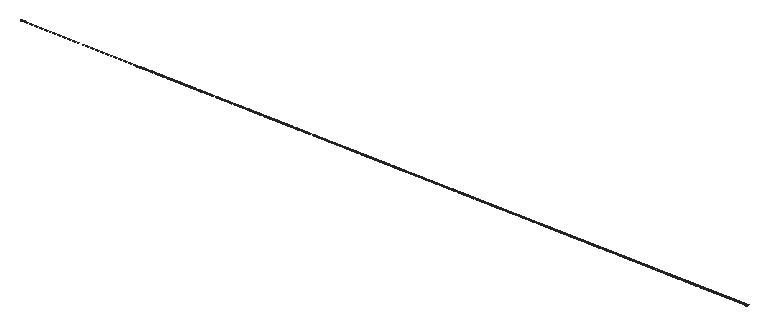
Revit family "0068168", category Lighting Fixtures, host Face, Revit 2017 (continued)
Forms (mm)
  Extrusion 71, solid
    sketch origin (1399.429, 0, 0) x (1, 0, 0) y (0, 1, 0)
      loop
        line (17.9, 1.5) -> (17.9, -1.5) -> (19.9, -1.5) -> (19.9, 1.5) -> (17.9, 1.5)
      loop
        line (34.5, 1.5) -> (34.5, -1.5) -> (36.5, -1.5) -> (36.5, 1.5) -> (34.5, 1.5)
      loop
        line (67.7, 1.5) -> (67.7, -1.5) -> (69.7, -1.5) -> (69.7, 1.5) -> (67.7, 1.5)
      loop
        line (84.3, 1.5) -> (84.3, -1.5) -> (86.3, -1.5) -> (86.3, 1.5) -> (84.3, 1.5)
    from -1.2 to -0.5
  Extrusion 72, solid
    sketch origin (1499.388, 0, 0) x (1, 0, 0) y (0, 1, 0)
      loop
        line (17.9, 1.5) -> (17.9, -1.5) -> (19.9, -1.5) -> (19.9, 1.5) -> (17.9, 1.5)
      loop
        line (34.5, 1.5) -> (34.5, -1.5) -> (36.5, -1.5) -> (36.5, 1.5) -> (34.5, 1.5)
      loop
        line (67.7, 1.5) -> (67.7, -1.5) -> (69.7, -1.5) -> (69.7, 1.5) -> (67.7, 1.5)
      loop
        line (84.3, 1.5) -> (84.3, -1.5) -> (86.3, -1.5) -> (86.3, 1.5) -> (84.3, 1.5)
    from -1.2 to -0.5
  Extrusion 73, solid
    sketch origin (1599.347, 0, 0) x (1, 0, 0) y (0, 1, 0)
      loop
        line (17.9, 1.5) -> (17.9, -1.5) -> (19.9, -1.5) -> (19.9, 1.5) -> (17.9, 1.5)
      loop
        line (34.5, 1.5) -> (34.5, -1.5) -> (36.5, -1.5) -> (36.5, 1.5) -> (34.5, 1.5)
      loop
        line (67.7, 1.5) -> (67.7, -1.5) -> (69.7, -1.5) -> (69.7, 1.5) -> (67.7, 1.5)
      loop
        line (84.3, 1.5) -> (84.3, -1.5) -> (86.3, -1.5) -> (86.3, 1.5) -> (84.3, 1.5)
    from -1.2 to -0.5
  Extrusion 74, solid
    sketch origin (1699.306, 0, 0) x (1, 0, 0) y (0, 1, 0)
      loop
        line (17.9, 1.5) -> (17.9, -1.5) -> (19.9, -1.5) -> (19.9, 1.5) -> (17.9, 1.5)
      loop
        line (34.5, 1.5) -> (34.5, -1.5) -> (36.5, -1.5) -> (36.5, 1.5) -> (34.5, 1.5)
      loop
        line (67.7, 1.5) -> (67.7, -1.5) -> (69.7, -1.5) -> (69.7, 1.5) -> (67.7, 1.5)
      loop
        line (84.3, 1.5) -> (84.3, -1.5) -> (86.3, -1.5) -> (86.3, 1.5) -> (84.3, 1.5)
    from -1.2 to -0.5
  Extrusion 75, solid
    sketch origin (1799.265, 0, 0) x (1, 0, 0) y (0, 1, 0)
      loop
        line (17.9, 1.5) -> (17.9, -1.5) -> (19.9, -1.5) -> (19.9, 1.5) -> (17.9, 1.5)
      loop
        line (34.5, 1.5) -> (34.5, -1.5) -> (36.5, -1.5) -> (36.5, 1.5) -> (34.5, 1.5)
      loop
        line (67.7, 1.5) -> (67.7, -1.5) -> (69.7, -1.5) -> (69.7, 1.5) -> (67.7, 1.5)
      loop
        line (84.3, 1.5) -> (84.3, -1.5) -> (86.3, -1.5) -> (86.3, 1.5) -> (84.3, 1.5)
    from -1.2 to -0.5
  Extrusion 76, solid
    sketch origin (1899.224, 0, 0) x (1, 0, 0) y (0, 1, 0)
      loop
        line (17.9, 1.5) -> (17.9, -1.5) -> (19.9, -1.5) -> (19.9, 1.5) -> (17.9, 1.5)
      loop
        line (34.5, 1.5) -> (34.5, -1.5) -> (36.5, -1.5) -> (36.5, 1.5) -> (34.5, 1.5)
      loop
        line (67.7, 1.5) -> (67.7, -1.5) -> (69.7, -1.5) -> (69.7, 1.5) -> (67.7, 1.5)
      loop
        line (84.3, 1.5) -> (84.3, -1.5) -> (86.3, -1.5) -> (86.3, 1.5) -> (84.3, 1.5)
    from -1.2 to -0.5
  Extrusion 77, solid
    sketch origin (1999.184, 0, 0) x (1, 0, 0) y (0, 1, 0)
      loop
        line (17.9, 1.5) -> (17.9, -1.5) -> (19.9, -1.5) -> (19.9, 1.5) -> (17.9, 1.5)
      loop
        line (34.5, 1.5) -> (34.5, -1.5) -> (36.5, -1.5) -> (36.5, 1.5) -> (34.5, 1.5)
      loop
        line (67.7, 1.5) -> (67.7, -1.5) -> (69.7, -1.5) -> (69.7, 1.5) -> (67.7, 1.5)
      loop
        line (84.3, 1.5) -> (84.3, -1.5) -> (86.3, -1.5) -> (86.3, 1.5) -> (84.3, 1.5)
    from -1.2 to -0.5
  Extrusion 78, solid
    sketch origin (2099.143, 0, 0) x (1, 0, 0) y (0, 1, 0)
      loop
        line (17.9, 1.5) -> (17.9, -1.5) -> (19.9, -1.5) -> (19.9, 1.5) -> (17.9, 1.5)
      loop
        line (34.5, 1.5) -> (34.5, -1.5) -> (36.5, -1.5) -> (36.5, 1.5) -> (34.5, 1.5)
      loop
        line (67.7, 1.5) -> (67.7, -1.5) -> (69.7, -1.5) -> (69.7, 1.5) -> (67.7, 1.5)
      loop
        line (84.3, 1.5) -> (84.3, -1.5) -> (86.3, -1.5) -> (86.3, 1.5) -> (84.3, 1.5)
    from -1.2 to -0.5
  Extrusion 79, solid
    sketch origin (2199.102, 0, 0) x (1, 0, 0) y (0, 1, 0)
      loop
        line (17.9, 1.5) -> (17.9, -1.5) -> (19.9, -1.5) -> (19.9, 1.5) -> (17.9, 1.5)
      loop
        line (34.5, 1.5) -> (34.5, -1.5) -> (36.5, -1.5) -> (36.5, 1.5) -> (34.5, 1.5)
      loop
        line (67.7, 1.5) -> (67.7, -1.5) -> (69.7, -1.5) -> (69.7, 1.5) -> (67.7, 1.5)
      loop
        line (84.3, 1.5) -> (84.3, -1.5) -> (86.3, -1.5) -> (86.3, 1.5) -> (84.3, 1.5)
    from -1.2 to -0.5
  Extrusion 80, solid
    sketch origin (2299.061, 0, 0) x (1, 0, 0) y (0, 1, 0)
      loop
        line (17.9, 1.5) -> (17.9, -1.5) -> (19.9, -1.5) -> (19.9, 1.5) -> (17.9, 1.5)
      loop
        line (34.5, 1.5) -> (34.5, -1.5) -> (36.5, -1.5) -> (36.5, 1.5) -> (34.5, 1.5)
      loop
        line (67.7, 1.5) -> (67.7, -1.5) -> (69.7, -1.5) -> (69.7, 1.5) -> (67.7, 1.5)
      loop
        line (84.3, 1.5) -> (84.3, -1.5) -> (86.3, -1.5) -> (86.3, 1.5) -> (84.3, 1.5)
    from -1.2 to -0.5
  Extrusion 81, solid
    sketch origin (2399.02, 0, 0) x (1, 0, 0) y (0, 1, 0)
      loop
        line (17.9, 1.5) -> (17.9, -1.5) -> (19.9, -1.5) -> (19.9, 1.5) -> (17.9, 1.5)
      loop
        line (34.5, 1.5) -> (34.5, -1.5) -> (36.5, -1.5) -> (36.5, 1.5) -> (34.5, 1.5)
      loop
        line (67.7, 1.5) -> (67.7, -1.5) -> (69.7, -1.5) -> (69.7, 1.5) -> (67.7, 1.5)
      loop
        line (84.3, 1.5) -> (84.3, -1.5) -> (86.3, -1.5) -> (86.3, 1.5) -> (84.3, 1.5)
    from -1.2 to -0.5
  Extrusion 82, solid
    sketch origin (2498.98, 0, 0) x (1, 0, 0) y (0, 1, 0)
      loop
        line (17.9, 1.5) -> (17.9, -1.5) -> (19.9, -1.5) -> (19.9, 1.5) -> (17.9, 1.5)
      loop
        line (34.5, 1.5) -> (34.5, -1.5) -> (36.5, -1.5) -> (36.5, 1.5) -> (34.5, 1.5)
      loop
        line (67.7, 1.5) -> (67.7, -1.5) -> (69.7, -1.5) -> (69.7, 1.5) -> (67.7, 1.5)
      loop
        line (84.3, 1.5) -> (84.3, -1.5) -> (86.3, -1.5) -> (86.3, 1.5) -> (84.3, 1.5)
    from -1.2 to -0.5
  Extrusion 83, solid
    sketch origin (2598.939, 0, 0) x (1, 0, 0) y (0, 1, 0)
      loop
        line (17.9, 1.5) -> (17.9, -1.5) -> (19.9, -1.5) -> (19.9, 1.5) -> (17.9, 1.5)
      loop
        line (34.5, 1.5) -> (34.5, -1.5) -> (36.5, -1.5) -> (36.5, 1.5) -> (34.5, 1.5)
      loop
        line (67.7, 1.5) -> (67.7, -1.5) -> (69.7, -1.5) -> (69.7, 1.5) -> (67.7, 1.5)
      loop
        line (84.3, 1.5) -> (84.3, -1.5) -> (86.3, -1.5) -> (86.3, 1.5) -> (84.3, 1.5)
    from -1.2 to -0.5
  Extrusion 84, solid
    sketch origin (2698.898, 0, 0) x (1, 0, 0) y (0, 1, 0)
      loop
        line (17.9, 1.5) -> (17.9, -1.5) -> (19.9, -1.5) -> (19.9, 1.5) -> (17.9, 1.5)
      loop
        line (34.5, 1.5) -> (34.5, -1.5) -> (36.5, -1.5) -> (36.5, 1.5) -> (34.5, 1.5)
      loop
        line (67.7, 1.5) -> (67.7, -1.5) -> (69.7, -1.5) -> (69.7, 1.5) -> (67.7, 1.5)
      loop
        line (84.3, 1.5) -> (84.3, -1.5) -> (86.3, -1.5) -> (86.3, 1.5) -> (84.3, 1.5)
    from -1.2 to -0.5
  Extrusion 85, solid
    sketch origin (2798.857, 0, 0) x (1, 0, 0) y (0, 1, 0)
      loop
        line (17.9, 1.5) -> (17.9, -1.5) -> (19.9, -1.5) -> (19.9, 1.5) -> (17.9, 1.5)
      loop
        line (34.5, 1.5) -> (34.5, -1.5) -> (36.5, -1.5) -> (36.5, 1.5) -> (34.5, 1.5)
      loop
        line (67.7, 1.5) -> (67.7, -1.5) -> (69.7, -1.5) -> (69.7, 1.5) -> (67.7, 1.5)
      loop
        line (84.3, 1.5) -> (84.3, -1.5) -> (86.3, -1.5) -> (86.3, 1.5) -> (84.3, 1.5)
    from -1.2 to -0.5
  Extrusion 86, solid
    sketch origin (2898.816, 0, 0) x (1, 0, 0) y (0, 1, 0)
      loop
        line (17.9, 1.5) -> (17.9, -1.5) -> (19.9, -1.5) -> (19.9, 1.5) -> (17.9, 1.5)
      loop
        line (34.5, 1.5) -> (34.5, -1.5) -> (36.5, -1.5) -> (36.5, 1.5) -> (34.5, 1.5)
      loop
        line (67.7, 1.5) -> (67.7, -1.5) -> (69.7, -1.5) -> (69.7, 1.5) -> (67.7, 1.5)
      loop
        line (84.3, 1.5) -> (84.3, -1.5) -> (86.3, -1.5) -> (86.3, 1.5) -> (84.3, 1.5)
    from -1.2 to -0.5
  Extrusion 87, solid
    sketch origin (2998.776, 0, 0) x (1, 0, 0) y (0, 1, 0)
      loop
        line (17.9, 1.5) -> (17.9, -1.5) -> (19.9, -1.5) -> (19.9, 1.5) -> (17.9, 1.5)
      loop
        line (34.5, 1.5) -> (34.5, -1.5) -> (36.5, -1.5) -> (36.5, 1.5) -> (34.5, 1.5)
      loop
        line (67.7, 1.5) -> (67.7, -1.5) -> (69.7, -1.5) -> (69.7, 1.5) -> (67.7, 1.5)
      loop
        line (84.3, 1.5) -> (84.3, -1.5) -> (86.3, -1.5) -> (86.3, 1.5) -> (84.3, 1.5)
    from -1.2 to -0.5
  Extrusion 88, solid
    sketch origin (3098.735, 0, 0) x (1, 0, 0) y (0, 1, 0)
      loop
        line (17.9, 1.5) -> (17.9, -1.5) -> (19.9, -1.5) -> (19.9, 1.5) -> (17.9, 1.5)
      loop
        line (34.5, 1.5) -> (34.5, -1.5) -> (36.5, -1.5) -> (36.5, 1.5) -> (34.5, 1.5)
      loop
        line (67.7, 1.5) -> (67.7, -1.5) -> (69.7, -1.5) -> (69.7, 1.5) -> (67.7, 1.5)
      loop
        line (84.3, 1.5) -> (84.3, -1.5) -> (86.3, -1.5) -> (86.3, 1.5) -> (84.3, 1.5)
    from -1.2 to -0.5
  Extrusion 89, solid
    sketch origin (3198.694, 0, 0) x (1, 0, 0) y (0, 1, 0)
      loop
        line (17.9, 1.5) -> (17.9, -1.5) -> (19.9, -1.5) -> (19.9, 1.5) -> (17.9, 1.5)
      loop
        line (34.5, 1.5) -> (34.5, -1.5) -> (36.5, -1.5) -> (36.5, 1.5) -> (34.5, 1.5)
      loop
        line (67.7, 1.5) -> (67.7, -1.5) -> (69.7, -1.5) -> (69.7, 1.5) -> (67.7, 1.5)
      loop
        line (84.3, 1.5) -> (84.3, -1.5) -> (86.3, -1.5) -> (86.3, 1.5) -> (84.3, 1.5)
    from -1.2 to -0.5
  Extrusion 90, solid
    sketch origin (3298.653, 0, 0) x (1, 0, 0) y (0, 1, 0)
      loop
        line (17.9, 1.5) -> (17.9, -1.5) -> (19.9, -1.5) -> (19.9, 1.5) -> (17.9, 1.5)
      loop
        line (34.5, 1.5) -> (34.5, -1.5) -> (36.5, -1.5) -> (36.5, 1.5) -> (34.5, 1.5)
      loop
        line (67.7, 1.5) -> (67.7, -1.5) -> (69.7, -1.5) -> (69.7, 1.5) -> (67.7, 1.5)
      loop
        line (84.3, 1.5) -> (84.3, -1.5) -> (86.3, -1.5) -> (86.3, 1.5) -> (84.3, 1.5)
    from -1.2 to -0.5
  Extrusion 91, solid
    sketch origin (3398.612, 0, 0) x (1, 0, 0) y (0, 1, 0)
      loop
        line (17.9, 1.5) -> (17.9, -1.5) -> (19.9, -1.5) -> (19.9, 1.5) -> (17.9, 1.5)
      loop
        line (34.5, 1.5) -> (34.5, -1.5) -> (36.5, -1.5) -> (36.5, 1.5) -> (34.5, 1.5)
      loop
        line (67.7, 1.5) -> (67.7, -1.5) -> (69.7, -1.5) -> (69.7, 1.5) -> (67.7, 1.5)
      loop
        line (84.3, 1.5) -> (84.3, -1.5) -> (86.3, -1.5) -> (86.3, 1.5) -> (84.3, 1.5)
    from -1.2 to -0.5
  Extrusion 92, solid
    sketch origin (3498.571, 0, 0) x (1, 0, 0) y (0, 1, 0)
      loop
        line (17.9, 1.5) -> (17.9, -1.5) -> (19.9, -1.5) -> (19.9, 1.5) -> (17.9, 1.5)
      loop
        line (34.5, 1.5) -> (34.5, -1.5) -> (36.5, -1.5) -> (36.5, 1.5) -> (34.5, 1.5)
      loop
        line (67.7, 1.5) -> (67.7, -1.5) -> (69.7, -1.5) -> (69.7, 1.5) -> (67.7, 1.5)
      loop
        line (84.3, 1.5) -> (84.3, -1.5) -> (86.3, -1.5) -> (86.3, 1.5) -> (84.3, 1.5)
    from -1.2 to -0.5
  Extrusion 93, solid
    sketch origin (3598.531, 0, 0) x (1, 0, 0) y (0, 1, 0)
      loop
        line (17.9, 1.5) -> (17.9, -1.5) -> (19.9, -1.5) -> (19.9, 1.5) -> (17.9, 1.5)
      loop
        line (34.5, 1.5) -> (34.5, -1.5) -> (36.5, -1.5) -> (36.5, 1.5) -> (34.5, 1.5)
      loop
        line (67.7, 1.5) -> (67.7, -1.5) -> (69.7, -1.5) -> (69.7, 1.5) -> (67.7, 1.5)
      loop
        line (84.3, 1.5) -> (84.3, -1.5) -> (86.3, -1.5) -> (86.3, 1.5) -> (84.3, 1.5)
    from -1.2 to -0.5
  Extrusion 94, solid
    sketch origin (3698.49, 0, 0) x (1, 0, 0) y (0, 1, 0)
      loop
        line (17.9, 1.5) -> (17.9, -1.5) -> (19.9, -1.5) -> (19.9, 1.5) -> (17.9, 1.5)
      loop
        line (34.5, 1.5) -> (34.5, -1.5) -> (36.5, -1.5) -> (36.5, 1.5) -> (34.5, 1.5)
      loop
        line (67.7, 1.5) -> (67.7, -1.5) -> (69.7, -1.5) -> (69.7, 1.5) -> (67.7, 1.5)
      loop
        line (84.3, 1.5) -> (84.3, -1.5) -> (86.3, -1.5) -> (86.3, 1.5) -> (84.3, 1.5)
    from -1.2 to -0.5
  Extrusion 95, solid
    sketch origin (3798.449, 0, 0) x (1, 0, 0) y (0, 1, 0)
      loop
        line (17.9, 1.5) -> (17.9, -1.5) -> (19.9, -1.5) -> (19.9, 1.5) -> (17.9, 1.5)
      loop
        line (34.5, 1.5) -> (34.5, -1.5) -> (36.5, -1.5) -> (36.5, 1.5) -> (34.5, 1.5)
      loop
        line (67.7, 1.5) -> (67.7, -1.5) -> (69.7, -1.5) -> (69.7, 1.5) -> (67.7, 1.5)
      loop
        line (84.3, 1.5) -> (84.3, -1.5) -> (86.3, -1.5) -> (86.3, 1.5) -> (84.3, 1.5)
    from -1.2 to -0.5
  Extrusion 96, solid
    sketch origin (3898.408, 0, 0) x (1, 0, 0) y (0, 1, 0)
      loop
        line (17.9, 1.5) -> (17.9, -1.5) -> (19.9, -1.5) -> (19.9, 1.5) -> (17.9, 1.5)
      loop
        line (34.5, 1.5) -> (34.5, -1.5) -> (36.5, -1.5) -> (36.5, 1.5) -> (34.5, 1.5)
      loop
        line (67.7, 1.5) -> (67.7, -1.5) -> (69.7, -1.5) -> (69.7, 1.5) -> (67.7, 1.5)
      loop
        line (84.3, 1.5) -> (84.3, -1.5) -> (86.3, -1.5) -> (86.3, 1.5) -> (84.3, 1.5)
    from -1.2 to -0.5
  Extrusion 97, solid
    sketch origin (3998.367, 0, 0) x (1, 0, 0) y (0, 1, 0)
      loop
        line (17.9, 1.5) -> (17.9, -1.5) -> (19.9, -1.5) -> (19.9, 1.5) -> (17.9, 1.5)
      loop
        line (34.5, 1.5) -> (34.5, -1.5) -> (36.5, -1.5) -> (36.5, 1.5) -> (34.5, 1.5)
      loop
        line (67.7, 1.5) -> (67.7, -1.5) -> (69.7, -1.5) -> (69.7, 1.5) -> (67.7, 1.5)
      loop
        line (84.3, 1.5) -> (84.3, -1.5) -> (86.3, -1.5) -> (86.3, 1.5) -> (84.3, 1.5)
    from -1.2 to -0.5
  Extrusion 98, solid
    sketch origin (4098.327, 0, 0) x (1, 0, 0) y (0, 1, 0)
      loop
        line (17.9, 1.5) -> (17.9, -1.5) -> (19.9, -1.5) -> (19.9, 1.5) -> (17.9, 1.5)
      loop
        line (34.5, 1.5) -> (34.5, -1.5) -> (36.5, -1.5) -> (36.5, 1.5) -> (34.5, 1.5)
      loop
        line (67.7, 1.5) -> (67.7, -1.5) -> (69.7, -1.5) -> (69.7, 1.5) -> (67.7, 1.5)
      loop
        line (84.3, 1.5) -> (84.3, -1.5) -> (86.3, -1.5) -> (86.3, 1.5) -> (84.3, 1.5)
    from -1.2 to -0.5
  Extrusion 99, solid
    sketch origin (4198.286, 0, 0) x (1, 0, 0) y (0, 1, 0)
      loop
        line (17.9, 1.5) -> (17.9, -1.5) -> (19.9, -1.5) -> (19.9, 1.5) -> (17.9, 1.5)
      loop
        line (34.5, 1.5) -> (34.5, -1.5) -> (36.5, -1.5) -> (36.5, 1.5) -> (34.5, 1.5)
      loop
        line (67.7, 1.5) -> (67.7, -1.5) -> (69.7, -1.5) -> (69.7, 1.5) -> (67.7, 1.5)
      loop
        line (84.3, 1.5) -> (84.3, -1.5) -> (86.3, -1.5) -> (86.3, 1.5) -> (84.3, 1.5)
    from -1.2 to -0.5
  Extrusion 100, solid
    sketch origin (4298.245, 0, 0) x (1, 0, 0) y (0, 1, 0)
      loop
        line (17.9, 1.5) -> (17.9, -1.5) -> (19.9, -1.5) -> (19.9, 1.5) -> (17.9, 1.5)
      loop
        line (34.5, 1.5) -> (34.5, -1.5) -> (36.5, -1.5) -> (36.5, 1.5) -> (34.5, 1.5)
      loop
        line (67.7, 1.5) -> (67.7, -1.5) -> (69.7, -1.5) -> (69.7, 1.5) -> (67.7, 1.5)
      loop
        line (84.3, 1.5) -> (84.3, -1.5) -> (86.3, -1.5) -> (86.3, 1.5) -> (84.3, 1.5)
    from -1.2 to -0.5
  Extrusion 101, solid
    sketch origin (4398.204, 0, 0) x (1, 0, 0) y (0, 1, 0)
      loop
        line (17.9, 1.5) -> (17.9, -1.5) -> (19.9, -1.5) -> (19.9, 1.5) -> (17.9, 1.5)
      loop
        line (34.5, 1.5) -> (34.5, -1.5) -> (36.5, -1.5) -> (36.5, 1.5) -> (34.5, 1.5)
      loop
        line (67.7, 1.5) -> (67.7, -1.5) -> (69.7, -1.5) -> (69.7, 1.5) -> (67.7, 1.5)
      loop
        line (84.3, 1.5) -> (84.3, -1.5) -> (86.3, -1.5) -> (86.3, 1.5) -> (84.3, 1.5)
    from -1.2 to -0.5
  Extrusion 102, solid
    sketch origin (4498.163, 0, 0) x (1, 0, 0) y (0, 1, 0)
      loop
        line (17.9, 1.5) -> (17.9, -1.5) -> (19.9, -1.5) -> (19.9, 1.5) -> (17.9, 1.5)
      loop
        line (34.5, 1.5) -> (34.5, -1.5) -> (36.5, -1.5) -> (36.5, 1.5) -> (34.5, 1.5)
      loop
        line (67.7, 1.5) -> (67.7, -1.5) -> (69.7, -1.5) -> (69.7, 1.5) -> (67.7, 1.5)
      loop
        line (84.3, 1.5) -> (84.3, -1.5) -> (86.3, -1.5) -> (86.3, 1.5) -> (84.3, 1.5)
    from -1.2 to -0.5
  Extrusion 103, solid
    sketch origin (4598.122, 0, 0) x (1, 0, 0) y (0, 1, 0)
      loop
        line (17.9, 1.5) -> (17.9, -1.5) -> (19.9, -1.5) -> (19.9, 1.5) -> (17.9, 1.5)
      loop
        line (34.5, 1.5) -> (34.5, -1.5) -> (36.5, -1.5) -> (36.5, 1.5) -> (34.5, 1.5)
      loop
        line (67.7, 1.5) -> (67.7, -1.5) -> (69.7, -1.5) -> (69.7, 1.5) -> (67.7, 1.5)
      loop
        line (84.3, 1.5) -> (84.3, -1.5) -> (86.3, -1.5) -> (86.3, 1.5) -> (84.3, 1.5)
    from -1.2 to -0.5
  Extrusion 104, solid
    sketch origin (4698.082, 0, 0) x (1, 0, 0) y (0, 1, 0)
      loop
        line (17.9, 1.5) -> (17.9, -1.5) -> (19.9, -1.5) -> (19.9, 1.5) -> (17.9, 1.5)
      loop
        line (34.5, 1.5) -> (34.5, -1.5) -> (36.5, -1.5) -> (36.5, 1.5) -> (34.5, 1.5)
      loop
        line (67.7, 1.5) -> (67.7, -1.5) -> (69.7, -1.5) -> (69.7, 1.5) -> (67.7, 1.5)
      loop
        line (84.3, 1.5) -> (84.3, -1.5) -> (86.3, -1.5) -> (86.3, 1.5) -> (84.3, 1.5)
    from -1.2 to -0.5
  Extrusion 105, solid
    sketch origin (4798.041, 0, 0) x (1, 0, 0) y (0, 1, 0)
      loop
        line (17.9, 1.5) -> (17.9, -1.5) -> (19.9, -1.5) -> (19.9, 1.5) -> (17.9, 1.5)
      loop
        line (34.5, 1.5) -> (34.5, -1.5) -> (36.5, -1.5) -> (36.5, 1.5) -> (34.5, 1.5)
      loop
        line (67.7, 1.5) -> (67.7, -1.5) -> (69.7, -1.5) -> (69.7, 1.5) -> (67.7, 1.5)
      loop
        line (84.3, 1.5) -> (84.3, -1.5) -> (86.3, -1.5) -> (86.3, 1.5) -> (84.3, 1.5)
    from -1.2 to -0.5
Dimensions and locks
  "CABLE_LENGHT_SYL": plane 8 to plane 3 "Center (Left/Right)"
  "CABLE_FIX_SYL": plane 3 "Center (Left/Right)" to plane 7
  "LUM_WIDTH_SYL": plane 6 to plane 1 "Center (Front/Back)" to plane 5
  "CABLE_BLEND_SYL": plane 9 to plane 3 "Center (Left/Right)"
  "CABLE_END_SYL": plane 8 to plane 10
  "LUM_LENGHT_SYL": plane 3 "Center (Left/Right)" to plane 4
  "CABLE_DIST_SYL": plane 12 to plane 1 "Center (Front/Back)" to plane 11
  "CABLE_DIST2_SYL": plane 13 to plane 5
  "CABLE_DIST2_SYL": plane 6 to plane 14
  "LED_DIST1_SYL": plane 3 "Center (Left/Right)" to plane 15
  "LED_DIST_SYL": plane 15 to plane 16 to plane 17 to plane 18 to plane 19 to plane 20
  "LED_DIST_SYL": plane 35 to plane 36
  "LED_DIST_SYL": plane 37 to plane 38
  "LED_2_DIST_SYL": plane 36 to plane 37
  "LED_CH_S_WIDTH_SYL": plane 48 to plane 1 "Center (Front/Back)" to plane 47
  "LED_CH_L_WIDTH_SYL": plane 22 to plane 1 "Center (Front/Back)" to plane 21
  "LED_CH_L_DEPTH_SYL": plane 24 to plane 15 to plane 23
  "LED_CH_L_DEPTH_SYL": plane 26 to plane 16 to plane 25
  "LED_CH_L_DEPTH_SYL": plane 28 to plane 17 to plane 27
  "LED_CH_L_DEPTH_SYL": plane 29 to plane 18 to plane 30
  "LED_CH_L_DEPTH_SYL": plane 31 to plane 19 to plane 32
  "LED_CH_L_DEPTH_SYL": plane 34 to plane 20 to plane 33
  "LED_CH_S_DEPTH_SYL": plane 40 to plane 35 to plane 39
  "LED_CH_S_DEPTH_SYL": plane 41 to plane 36 to plane 42
  "LED_CH_S_DEPTH_SYL": plane 44 to plane 37 to plane 43
  "LED_CH_S_DEPTH_SYL": plane 45 to plane 38 to plane 46
  equal spacing: group 1, group 3, group 4, group 5, group 6, group 7, group 8, group 9, group 10, group 11, group 12, group 13, group 14, group 15, group 16, group 17, group 18, group 19, group 20, group 21, group 22, group 23, group 24, group 25, group 26, group 27, group 28, group 29, group 30, group 31, group 32, group 33, group 34, group 35, group 36, group 37, group 38, group 39, group 40, group 41, group 42, group 43, group 44, group 45, group 46, group 47, group 48, group 49, group 50, group 2  (x3)
  equal spacing: group 51, group 53, group 54, group 55, group 56, group 57, group 58, group 59, group 60, group 61, group 62, group 63, group 64, group 65, group 66, group 67, group 68, group 69, group 70, group 71, group 72, group 73, group 74, group 75, group 76, group 77, group 78, group 79, group 80, group 81, group 82, group 83, group 84, group 85, group 86, group 87, group 88, group 89, group 90, group 91, group 92, group 93, group 94, group 95, group 96, group 97, group 98, group 99, group 100, group 52  (x3)
  "PHOTOMETRY1_SYL": imposter light to plane 4
  "PHOTOMETRY2_SYL": imposter light to Extrusion 1
  "PHOTOMETRY3_SYL": Extrusion 30 to imposter light
  aligned and locked: host face to plane 2
  aligned and locked: host face to level
  aligned and locked: Extrusion 1 sketch curve to plane 4
  aligned and locked: plane 3 "Center (Left/Right)" to Extrusion 1 sketch curve
  aligned and locked: Revolve 4 sketch curve to plane 11
  aligned and locked: Sweep 2 to Revolve 4 sketch curve
  aligned and locked: plane 13 to Revolve 4 sketch curve
  aligned and locked: plane 8 to Revolve 4 sketch curve
  aligned and locked: Revolve 5 sketch curve to plane 12  (x2)
  aligned and locked: Revolve 5 sketch curve to Sweep 3
  aligned and locked: plane 14 to Revolve 5 sketch curve
  aligned and locked: Revolve 5 sketch curve to plane 8
Automatic sketch dimensions
  plane 6 to Extrusion 1 sketch curve = 0 mm
  plane 5 to Extrusion 1 sketch curve = 0 mm
  Sweep 2 sketch curve to plane 10 = 0 mm
  Sweep 2 sketch curve to plane 9 = 0 mm
  Sweep 2 sketch curve to plane 3 "Center (Left/Right)" = 0 mm
  Sweep 2 sketch curve to plane 7 = 0 mm
  plane 11 to Sweep 2 sketch curve = 0 mm
  plane 13 to Sweep 2 sketch curve = 0 mm
  Sweep 3 sketch curve to plane 10 = 0 mm
  Sweep 3 sketch curve to plane 9 = 0 mm
  Sweep 3 sketch curve to plane 3 "Center (Left/Right)" = 0 mm
  Sweep 3 sketch curve to plane 7 = 0 mm
  plane 14 to Sweep 3 sketch curve = 0 mm
  plane 12 to Sweep 3 sketch curve = 0 mm
  level to Sweep 3 sketch curve = 0 mm
  Sweep 3 sketch curve to profile plane = 0 mm
  Sweep 2 sketch curve to level = 0 mm
  Sweep 2 sketch curve to profile plane = 0 mm
  host sketch curve to host sketch curve = 6451.645 mm
  host sketch curve to host sketch curve = 2438.4 mm
  Revolve 5 sketch curve to plane 8 = 1324 mm
  plane 7 to Revolve 5 sketch curve = 1523 mm
  Extrusion 6 sketch curve to Extrusion 6 sketch curve = 2.8 mm  (x6)
  Extrusion 6 sketch curve to Extrusion 6 sketch curve = 13.8 mm  (x5)
  Extrusion 6 sketch curve to Extrusion 6 sketch curve = 0 mm  (x5)
  Extrusion 6 sketch curve to Extrusion 6 sketch curve = 3.4 mm  (x6)
  Extrusion 8 sketch curve to Extrusion 8 sketch curve = 2.8 mm  (x6)
  Extrusion 8 sketch curve to Extrusion 8 sketch curve = 13.8 mm  (x5)
  Extrusion 8 sketch curve to Extrusion 8 sketch curve = 0 mm  (x5)
  Extrusion 8 sketch curve to Extrusion 8 sketch curve = 3.4 mm  (x6)
  Extrusion 9 sketch curve to Extrusion 9 sketch curve = 2.8 mm  (x6)
  Extrusion 9 sketch curve to Extrusion 9 sketch curve = 13.8 mm  (x5)
  Extrusion 9 sketch curve to Extrusion 9 sketch curve = 0 mm  (x5)
  Extrusion 9 sketch curve to Extrusion 9 sketch curve = 3.4 mm  (x6)
  Extrusion 10 sketch curve to Extrusion 10 sketch curve = 2.8 mm  (x6)
  Extrusion 10 sketch curve to Extrusion 10 sketch curve = 13.8 mm  (x5)
  Extrusion 10 sketch curve to Extrusion 10 sketch curve = 0 mm  (x5)
  Extrusion 10 sketch curve to Extrusion 10 sketch curve = 3.4 mm  (x6)
  Extrusion 11 sketch curve to Extrusion 11 sketch curve = 2.8 mm  (x6)
  Extrusion 11 sketch curve to Extrusion 11 sketch curve = 13.8 mm  (x5)
  Extrusion 11 sketch curve to Extrusion 11 sketch curve = 0 mm  (x5)
  Extrusion 11 sketch curve to Extrusion 11 sketch curve = 3.4 mm  (x6)
  Extrusion 12 sketch curve to Extrusion 12 sketch curve = 2.8 mm  (x6)
  Extrusion 12 sketch curve to Extrusion 12 sketch curve = 13.8 mm  (x5)
  Extrusion 12 sketch curve to Extrusion 12 sketch curve = 0 mm  (x5)
  Extrusion 12 sketch curve to Extrusion 12 sketch curve = 3.4 mm  (x6)
  Extrusion 13 sketch curve to Extrusion 13 sketch curve = 2.8 mm  (x6)
  Extrusion 13 sketch curve to Extrusion 13 sketch curve = 13.8 mm  (x5)
  Extrusion 13 sketch curve to Extrusion 13 sketch curve = 0 mm  (x5)
  Extrusion 13 sketch curve to Extrusion 13 sketch curve = 3.4 mm  (x6)
  Extrusion 14 sketch curve to Extrusion 14 sketch curve = 2.8 mm  (x6)
  Extrusion 14 sketch curve to Extrusion 14 sketch curve = 13.8 mm  (x5)
  Extrusion 14 sketch curve to Extrusion 14 sketch curve = 0 mm  (x5)
  Extrusion 14 sketch curve to Extrusion 14 sketch curve = 3.4 mm  (x6)
  Extrusion 15 sketch curve to Extrusion 15 sketch curve = 2.8 mm  (x6)
  Extrusion 15 sketch curve to Extrusion 15 sketch curve = 13.8 mm  (x5)
  Extrusion 15 sketch curve to Extrusion 15 sketch curve = 0 mm  (x5)
  Extrusion 15 sketch curve to Extrusion 15 sketch curve = 3.4 mm  (x6)
  Extrusion 16 sketch curve to Extrusion 16 sketch curve = 2.8 mm  (x6)
  Extrusion 16 sketch curve to Extrusion 16 sketch curve = 13.8 mm  (x5)
  Extrusion 16 sketch curve to Extrusion 16 sketch curve = 0 mm  (x5)
  Extrusion 16 sketch curve to Extrusion 16 sketch curve = 3.4 mm  (x6)
  Extrusion 17 sketch curve to Extrusion 17 sketch curve = 2.8 mm  (x6)
  Extrusion 17 sketch curve to Extrusion 17 sketch curve = 13.8 mm  (x5)
  Extrusion 17 sketch curve to Extrusion 17 sketch curve = 0 mm  (x5)
  Extrusion 17 sketch curve to Extrusion 17 sketch curve = 3.4 mm  (x6)
  Extrusion 18 sketch curve to Extrusion 18 sketch curve = 2.8 mm  (x6)
  Extrusion 18 sketch curve to Extrusion 18 sketch curve = 13.8 mm  (x5)
  Extrusion 18 sketch curve to Extrusion 18 sketch curve = 0 mm  (x5)
  Extrusion 18 sketch curve to Extrusion 18 sketch curve = 3.4 mm  (x6)
  Extrusion 19 sketch curve to Extrusion 19 sketch curve = 2.8 mm  (x6)
  Extrusion 19 sketch curve to Extrusion 19 sketch curve = 13.8 mm  (x5)
  Extrusion 19 sketch curve to Extrusion 19 sketch curve = 0 mm  (x5)
  Extrusion 19 sketch curve to Extrusion 19 sketch curve = 3.4 mm  (x6)
  Extrusion 20 sketch curve to Extrusion 20 sketch curve = 2.8 mm  (x6)
  Extrusion 20 sketch curve to Extrusion 20 sketch curve = 13.8 mm  (x5)
  Extrusion 20 sketch curve to Extrusion 20 sketch curve = 0 mm  (x5)
  Extrusion 20 sketch curve to Extrusion 20 sketch curve = 3.4 mm  (x6)
  Extrusion 21 sketch curve to Extrusion 21 sketch curve = 2.8 mm  (x6)
  Extrusion 21 sketch curve to Extrusion 21 sketch curve = 13.8 mm  (x5)
  Extrusion 21 sketch curve to Extrusion 21 sketch curve = 0 mm  (x5)
  Extrusion 21 sketch curve to Extrusion 21 sketch curve = 3.4 mm  (x6)
  Extrusion 22 sketch curve to Extrusion 22 sketch curve = 2.8 mm  (x6)
  Extrusion 22 sketch curve to Extrusion 22 sketch curve = 13.8 mm  (x5)
  Extrusion 22 sketch curve to Extrusion 22 sketch curve = 0 mm  (x5)
  Extrusion 22 sketch curve to Extrusion 22 sketch curve = 3.4 mm  (x6)
  Extrusion 23 sketch curve to Extrusion 23 sketch curve = 2.8 mm  (x6)
  Extrusion 23 sketch curve to Extrusion 23 sketch curve = 13.8 mm  (x5)
  Extrusion 23 sketch curve to Extrusion 23 sketch curve = 0 mm  (x5)
  Extrusion 23 sketch curve to Extrusion 23 sketch curve = 3.4 mm  (x6)
  Extrusion 24 sketch curve to Extrusion 24 sketch curve = 2.8 mm  (x6)
  Extrusion 24 sketch curve to Extrusion 24 sketch curve = 13.8 mm  (x5)
  Extrusion 24 sketch curve to Extrusion 24 sketch curve = 0 mm  (x5)
  Extrusion 24 sketch curve to Extrusion 24 sketch curve = 3.4 mm  (x6)
  Extrusion 25 sketch curve to Extrusion 25 sketch curve = 2.8 mm  (x6)
  Extrusion 25 sketch curve to Extrusion 25 sketch curve = 13.8 mm  (x5)
  Extrusion 25 sketch curve to Extrusion 25 sketch curve = 0 mm  (x5)
  Extrusion 25 sketch curve to Extrusion 25 sketch curve = 3.4 mm  (x6)
  Extrusion 26 sketch curve to Extrusion 26 sketch curve = 2.8 mm  (x6)
  Extrusion 26 sketch curve to Extrusion 26 sketch curve = 13.8 mm  (x5)
  Extrusion 26 sketch curve to Extrusion 26 sketch curve = 0 mm  (x5)
  Extrusion 26 sketch curve to Extrusion 26 sketch curve = 3.4 mm  (x6)
  Extrusion 27 sketch curve to Extrusion 27 sketch curve = 2.8 mm  (x6)
  Extrusion 27 sketch curve to Extrusion 27 sketch curve = 13.8 mm  (x5)
  Extrusion 27 sketch curve to Extrusion 27 sketch curve = 0 mm  (x5)
  Extrusion 27 sketch curve to Extrusion 27 sketch curve = 3.4 mm  (x6)
  Extrusion 28 sketch curve to Extrusion 28 sketch curve = 2.8 mm  (x6)
  Extrusion 28 sketch curve to Extrusion 28 sketch curve = 13.8 mm  (x5)
  Extrusion 28 sketch curve to Extrusion 28 sketch curve = 0 mm  (x5)
  Extrusion 28 sketch curve to Extrusion 28 sketch curve = 3.4 mm  (x6)
  Extrusion 29 sketch curve to Extrusion 29 sketch curve = 2.8 mm  (x6)
  Extrusion 29 sketch curve to Extrusion 29 sketch curve = 13.8 mm  (x5)
  Extrusion 29 sketch curve to Extrusion 29 sketch curve = 0 mm  (x5)
  Extrusion 29 sketch curve to Extrusion 29 sketch curve = 3.4 mm  (x6)
  Extrusion 30 sketch curve to Extrusion 30 sketch curve = 2.8 mm  (x6)
  Extrusion 30 sketch curve to Extrusion 30 sketch curve = 13.8 mm  (x5)
  Extrusion 30 sketch curve to Extrusion 30 sketch curve = 0 mm  (x5)
  Extrusion 30 sketch curve to Extrusion 30 sketch curve = 3.4 mm  (x6)
  Extrusion 31 sketch curve to Extrusion 31 sketch curve = 2.8 mm  (x6)
  Extrusion 31 sketch curve to Extrusion 31 sketch curve = 13.8 mm  (x5)
  Extrusion 31 sketch curve to Extrusion 31 sketch curve = 0 mm  (x5)
  Extrusion 31 sketch curve to Extrusion 31 sketch curve = 3.4 mm  (x6)
  Extrusion 32 sketch curve to Extrusion 32 sketch curve = 2.8 mm  (x6)
  Extrusion 32 sketch curve to Extrusion 32 sketch curve = 13.8 mm  (x5)
  Extrusion 32 sketch curve to Extrusion 32 sketch curve = 0 mm  (x5)
  Extrusion 32 sketch curve to Extrusion 32 sketch curve = 3.4 mm  (x6)
  Extrusion 33 sketch curve to Extrusion 33 sketch curve = 2.8 mm  (x6)
  Extrusion 33 sketch curve to Extrusion 33 sketch curve = 13.8 mm  (x5)
  Extrusion 33 sketch curve to Extrusion 33 sketch curve = 0 mm  (x5)
  Extrusion 33 sketch curve to Extrusion 33 sketch curve = 3.4 mm  (x6)
  Extrusion 34 sketch curve to Extrusion 34 sketch curve = 2.8 mm  (x6)
  Extrusion 34 sketch curve to Extrusion 34 sketch curve = 13.8 mm  (x5)
  Extrusion 34 sketch curve to Extrusion 34 sketch curve = 0 mm  (x5)
  Extrusion 34 sketch curve to Extrusion 34 sketch curve = 3.4 mm  (x6)
  Extrusion 35 sketch curve to Extrusion 35 sketch curve = 2.8 mm  (x6)
  Extrusion 35 sketch curve to Extrusion 35 sketch curve = 13.8 mm  (x5)
  Extrusion 35 sketch curve to Extrusion 35 sketch curve = 0 mm  (x5)
  Extrusion 35 sketch curve to Extrusion 35 sketch curve = 3.4 mm  (x6)
  Extrusion 36 sketch curve to Extrusion 36 sketch curve = 2.8 mm  (x6)
  Extrusion 36 sketch curve to Extrusion 36 sketch curve = 13.8 mm  (x5)
  Extrusion 36 sketch curve to Extrusion 36 sketch curve = 0 mm  (x5)
  Extrusion 36 sketch curve to Extrusion 36 sketch curve = 3.4 mm  (x6)
  Extrusion 37 sketch curve to Extrusion 37 sketch curve = 2.8 mm  (x6)
  Extrusion 37 sketch curve to Extrusion 37 sketch curve = 13.8 mm  (x5)
  Extrusion 37 sketch curve to Extrusion 37 sketch curve = 0 mm  (x5)
  Extrusion 37 sketch curve to Extrusion 37 sketch curve = 3.4 mm  (x6)
  Extrusion 38 sketch curve to Extrusion 38 sketch curve = 2.8 mm  (x6)
  Extrusion 38 sketch curve to Extrusion 38 sketch curve = 13.8 mm  (x5)
  Extrusion 38 sketch curve to Extrusion 38 sketch curve = 0 mm  (x5)
  Extrusion 38 sketch curve to Extrusion 38 sketch curve = 3.4 mm  (x6)
  Extrusion 39 sketch curve to Extrusion 39 sketch curve = 2.8 mm  (x6)
  Extrusion 39 sketch curve to Extrusion 39 sketch curve = 13.8 mm  (x5)
  Extrusion 39 sketch curve to Extrusion 39 sketch curve = 0 mm  (x5)
  Extrusion 39 sketch curve to Extrusion 39 sketch curve = 3.4 mm  (x6)
  Extrusion 40 sketch curve to Extrusion 40 sketch curve = 2.8 mm  (x6)
  Extrusion 40 sketch curve to Extrusion 40 sketch curve = 13.8 mm  (x5)
  Extrusion 40 sketch curve to Extrusion 40 sketch curve = 0 mm  (x5)
  Extrusion 40 sketch curve to Extrusion 40 sketch curve = 3.4 mm  (x6)
  Extrusion 41 sketch curve to Extrusion 41 sketch curve = 2.8 mm  (x6)
  Extrusion 41 sketch curve to Extrusion 41 sketch curve = 13.8 mm  (x5)
  Extrusion 41 sketch curve to Extrusion 41 sketch curve = 0 mm  (x5)
  Extrusion 41 sketch curve to Extrusion 41 sketch curve = 3.4 mm  (x6)
  Extrusion 42 sketch curve to Extrusion 42 sketch curve = 2.8 mm  (x6)
  Extrusion 42 sketch curve to Extrusion 42 sketch curve = 13.8 mm  (x5)
  Extrusion 42 sketch curve to Extrusion 42 sketch curve = 0 mm  (x5)
  Extrusion 42 sketch curve to Extrusion 42 sketch curve = 3.4 mm  (x6)
  Extrusion 43 sketch curve to Extrusion 43 sketch curve = 2.8 mm  (x6)
  Extrusion 43 sketch curve to Extrusion 43 sketch curve = 13.8 mm  (x5)
  Extrusion 43 sketch curve to Extrusion 43 sketch curve = 0 mm  (x5)
  Extrusion 43 sketch curve to Extrusion 43 sketch curve = 3.4 mm  (x6)
  Extrusion 44 sketch curve to Extrusion 44 sketch curve = 2.8 mm  (x6)
  Extrusion 44 sketch curve to Extrusion 44 sketch curve = 13.8 mm  (x5)
  Extrusion 44 sketch curve to Extrusion 44 sketch curve = 0 mm  (x5)
  Extrusion 44 sketch curve to Extrusion 44 sketch curve = 3.4 mm  (x6)
  Extrusion 45 sketch curve to Extrusion 45 sketch curve = 2.8 mm  (x6)
  Extrusion 45 sketch curve to Extrusion 45 sketch curve = 13.8 mm  (x5)
  Extrusion 45 sketch curve to Extrusion 45 sketch curve = 0 mm  (x5)
  Extrusion 45 sketch curve to Extrusion 45 sketch curve = 3.4 mm  (x6)
  Extrusion 46 sketch curve to Extrusion 46 sketch curve = 2.8 mm  (x6)
  Extrusion 46 sketch curve to Extrusion 46 sketch curve = 13.8 mm  (x5)
  Extrusion 46 sketch curve to Extrusion 46 sketch curve = 0 mm  (x5)
  Extrusion 46 sketch curve to Extrusion 46 sketch curve = 3.4 mm  (x6)
  Extrusion 47 sketch curve to Extrusion 47 sketch curve = 2.8 mm  (x6)
  Extrusion 47 sketch curve to Extrusion 47 sketch curve = 13.8 mm  (x5)
  Extrusion 47 sketch curve to Extrusion 47 sketch curve = 0 mm  (x5)
  Extrusion 47 sketch curve to Extrusion 47 sketch curve = 3.4 mm  (x6)
  Extrusion 48 sketch curve to Extrusion 48 sketch curve = 2.8 mm  (x6)
  Extrusion 48 sketch curve to Extrusion 48 sketch curve = 13.8 mm  (x5)
  Extrusion 48 sketch curve to Extrusion 48 sketch curve = 0 mm  (x5)
  Extrusion 48 sketch curve to Extrusion 48 sketch curve = 3.4 mm  (x6)
  Extrusion 49 sketch curve to Extrusion 49 sketch curve = 2.8 mm  (x6)
  Extrusion 49 sketch curve to Extrusion 49 sketch curve = 13.8 mm  (x5)
  Extrusion 49 sketch curve to Extrusion 49 sketch curve = 0 mm  (x5)
  Extrusion 49 sketch curve to Extrusion 49 sketch curve = 3.4 mm  (x6)
  Extrusion 50 sketch curve to Extrusion 50 sketch curve = 2.8 mm  (x6)
  Extrusion 50 sketch curve to Extrusion 50 sketch curve = 13.8 mm  (x5)
  Extrusion 50 sketch curve to Extrusion 50 sketch curve = 0 mm  (x5)
  Extrusion 50 sketch curve to Extrusion 50 sketch curve = 3.4 mm  (x6)
  Extrusion 51 sketch curve to Extrusion 51 sketch curve = 2.8 mm  (x6)
  Extrusion 51 sketch curve to Extrusion 51 sketch curve = 13.8 mm  (x5)
  Extrusion 51 sketch curve to Extrusion 51 sketch curve = 0 mm  (x5)
  Extrusion 51 sketch curve to Extrusion 51 sketch curve = 3.4 mm  (x6)
  Extrusion 52 sketch curve to Extrusion 52 sketch curve = 2.8 mm  (x6)
  Extrusion 52 sketch curve to Extrusion 52 sketch curve = 13.8 mm  (x5)
  Extrusion 52 sketch curve to Extrusion 52 sketch curve = 0 mm  (x5)
  Extrusion 52 sketch curve to Extrusion 52 sketch curve = 3.4 mm  (x6)
  Extrusion 53 sketch curve to Extrusion 53 sketch curve = 2.8 mm  (x6)
  Extrusion 53 sketch curve to Extrusion 53 sketch curve = 13.8 mm  (x5)
  Extrusion 53 sketch curve to Extrusion 53 sketch curve = 0 mm  (x5)
  Extrusion 53 sketch curve to Extrusion 53 sketch curve = 3.4 mm  (x6)
  Extrusion 54 sketch curve to Extrusion 54 sketch curve = 2.8 mm  (x6)
  Extrusion 54 sketch curve to Extrusion 54 sketch curve = 13.8 mm  (x5)
  Extrusion 54 sketch curve to Extrusion 54 sketch curve = 0 mm  (x5)
  Extrusion 54 sketch curve to Extrusion 54 sketch curve = 3.4 mm  (x6)
  Extrusion 55 sketch curve to Extrusion 55 sketch curve = 2.8 mm  (x6)
  Extrusion 55 sketch curve to Extrusion 55 sketch curve = 13.8 mm  (x5)
  Extrusion 55 sketch curve to Extrusion 55 sketch curve = 0 mm  (x5)
  Extrusion 55 sketch curve to Extrusion 55 sketch curve = 3.4 mm  (x6)
  Extrusion 56 sketch curve to Extrusion 56 sketch curve = 2.8 mm  (x6)
  Extrusion 56 sketch curve to Extrusion 56 sketch curve = 13.8 mm  (x5)
  Extrusion 56 sketch curve to Extrusion 56 sketch curve = 0 mm  (x5)
  Extrusion 56 sketch curve to Extrusion 56 sketch curve = 3.4 mm  (x6)
  Extrusion 7 sketch curve to Extrusion 7 sketch curve = 2 mm  (x4)
  Extrusion 7 sketch curve to Extrusion 7 sketch curve = 14.6 mm  (x2)
  Extrusion 7 sketch curve to Extrusion 7 sketch curve = 31.2 mm
  Extrusion 7 sketch curve to Extrusion 7 sketch curve = 0 mm  (x3)
  Extrusion 7 sketch curve to Extrusion 7 sketch curve = 3 mm  (x4)
  Extrusion 57 sketch curve to Extrusion 57 sketch curve = 2 mm  (x4)
  Extrusion 57 sketch curve to Extrusion 57 sketch curve = 14.6 mm  (x2)
  Extrusion 57 sketch curve to Extrusion 57 sketch curve = 31.2 mm
  Extrusion 57 sketch curve to Extrusion 57 sketch curve = 0 mm  (x3)
  Extrusion 57 sketch curve to Extrusion 57 sketch curve = 3 mm  (x4)
  Extrusion 58 sketch curve to Extrusion 58 sketch curve = 2 mm  (x4)
  Extrusion 58 sketch curve to Extrusion 58 sketch curve = 14.6 mm  (x2)
  Extrusion 58 sketch curve to Extrusion 58 sketch curve = 31.2 mm
  Extrusion 58 sketch curve to Extrusion 58 sketch curve = 0 mm  (x3)
  Extrusion 58 sketch curve to Extrusion 58 sketch curve = 3 mm  (x4)
  Extrusion 59 sketch curve to Extrusion 59 sketch curve = 2 mm  (x4)
  Extrusion 59 sketch curve to Extrusion 59 sketch curve = 14.6 mm  (x2)
  Extrusion 59 sketch curve to Extrusion 59 sketch curve = 31.2 mm
  Extrusion 59 sketch curve to Extrusion 59 sketch curve = 0 mm  (x3)
  Extrusion 59 sketch curve to Extrusion 59 sketch curve = 3 mm  (x4)
  Extrusion 60 sketch curve to Extrusion 60 sketch curve = 2 mm  (x4)
  Extrusion 60 sketch curve to Extrusion 60 sketch curve = 14.6 mm  (x2)
  Extrusion 60 sketch curve to Extrusion 60 sketch curve = 31.2 mm
  Extrusion 60 sketch curve to Extrusion 60 sketch curve = 0 mm  (x3)
  Extrusion 60 sketch curve to Extrusion 60 sketch curve = 3 mm  (x4)
  Extrusion 61 sketch curve to Extrusion 61 sketch curve = 2 mm  (x4)
  Extrusion 61 sketch curve to Extrusion 61 sketch curve = 14.6 mm  (x2)
  Extrusion 61 sketch curve to Extrusion 61 sketch curve = 31.2 mm
  Extrusion 61 sketch curve to Extrusion 61 sketch curve = 0 mm  (x3)
  Extrusion 61 sketch curve to Extrusion 61 sketch curve = 3 mm  (x4)
  Extrusion 62 sketch curve to Extrusion 62 sketch curve = 2 mm  (x4)
  Extrusion 62 sketch curve to Extrusion 62 sketch curve = 14.6 mm  (x2)
  Extrusion 62 sketch curve to Extrusion 62 sketch curve = 31.2 mm
  Extrusion 62 sketch curve to Extrusion 62 sketch curve = 0 mm  (x3)
  Extrusion 62 sketch curve to Extrusion 62 sketch curve = 3 mm  (x4)
  Extrusion 63 sketch curve to Extrusion 63 sketch curve = 2 mm  (x4)
  Extrusion 63 sketch curve to Extrusion 63 sketch curve = 14.6 mm  (x2)
  Extrusion 63 sketch curve to Extrusion 63 sketch curve = 31.2 mm
  Extrusion 63 sketch curve to Extrusion 63 sketch curve = 0 mm  (x3)
  Extrusion 63 sketch curve to Extrusion 63 sketch curve = 3 mm  (x4)
  Extrusion 64 sketch curve to Extrusion 64 sketch curve = 2 mm  (x4)
  Extrusion 64 sketch curve to Extrusion 64 sketch curve = 14.6 mm  (x2)
  Extrusion 64 sketch curve to Extrusion 64 sketch curve = 31.2 mm
  Extrusion 64 sketch curve to Extrusion 64 sketch curve = 0 mm  (x3)
  Extrusion 64 sketch curve to Extrusion 64 sketch curve = 3 mm  (x4)
  Extrusion 65 sketch curve to Extrusion 65 sketch curve = 2 mm  (x4)
  Extrusion 65 sketch curve to Extrusion 65 sketch curve = 14.6 mm  (x2)
  Extrusion 65 sketch curve to Extrusion 65 sketch curve = 31.2 mm
  Extrusion 65 sketch curve to Extrusion 65 sketch curve = 0 mm  (x3)
  Extrusion 65 sketch curve to Extrusion 65 sketch curve = 3 mm  (x4)
  Extrusion 66 sketch curve to Extrusion 66 sketch curve = 2 mm  (x4)
  Extrusion 66 sketch curve to Extrusion 66 sketch curve = 14.6 mm  (x2)
  Extrusion 66 sketch curve to Extrusion 66 sketch curve = 31.2 mm
  Extrusion 66 sketch curve to Extrusion 66 sketch curve = 0 mm  (x3)
  Extrusion 66 sketch curve to Extrusion 66 sketch curve = 3 mm  (x4)
  Extrusion 67 sketch curve to Extrusion 67 sketch curve = 2 mm  (x4)
  Extrusion 67 sketch curve to Extrusion 67 sketch curve = 14.6 mm  (x2)
  Extrusion 67 sketch curve to Extrusion 67 sketch curve = 31.2 mm
  Extrusion 67 sketch curve to Extrusion 67 sketch curve = 0 mm  (x3)
  Extrusion 67 sketch curve to Extrusion 67 sketch curve = 3 mm  (x4)
  Extrusion 68 sketch curve to Extrusion 68 sketch curve = 2 mm  (x4)
  Extrusion 68 sketch curve to Extrusion 68 sketch curve = 14.6 mm  (x2)
  Extrusion 68 sketch curve to Extrusion 68 sketch curve = 31.2 mm
  Extrusion 68 sketch curve to Extrusion 68 sketch curve = 0 mm  (x3)
  Extrusion 68 sketch curve to Extrusion 68 sketch curve = 3 mm  (x4)
  Extrusion 69 sketch curve to Extrusion 69 sketch curve = 2 mm  (x4)
  Extrusion 69 sketch curve to Extrusion 69 sketch curve = 14.6 mm  (x2)
  Extrusion 69 sketch curve to Extrusion 69 sketch curve = 31.2 mm
  Extrusion 69 sketch curve to Extrusion 69 sketch curve = 0 mm  (x3)
  Extrusion 69 sketch curve to Extrusion 69 sketch curve = 3 mm  (x4)
  Extrusion 70 sketch curve to Extrusion 70 sketch curve = 2 mm  (x4)
  Extrusion 70 sketch curve to Extrusion 70 sketch curve = 14.6 mm  (x2)
  Extrusion 70 sketch curve to Extrusion 70 sketch curve = 31.2 mm
  Extrusion 70 sketch curve to Extrusion 70 sketch curve = 0 mm  (x3)
  Extrusion 70 sketch curve to Extrusion 70 sketch curve = 3 mm  (x4)
  Extrusion 71 sketch curve to Extrusion 71 sketch curve = 2 mm  (x4)
  Extrusion 71 sketch curve to Extrusion 71 sketch curve = 14.6 mm  (x2)
  Extrusion 71 sketch curve to Extrusion 71 sketch curve = 31.2 mm
  Extrusion 71 sketch curve to Extrusion 71 sketch curve = 0 mm  (x3)
  Extrusion 71 sketch curve to Extrusion 71 sketch curve = 3 mm  (x4)
  Extrusion 72 sketch curve to Extrusion 72 sketch curve = 2 mm  (x4)
  Extrusion 72 sketch curve to Extrusion 72 sketch curve = 14.6 mm  (x2)
  Extrusion 72 sketch curve to Extrusion 72 sketch curve = 31.2 mm
  Extrusion 72 sketch curve to Extrusion 72 sketch curve = 0 mm  (x3)
  Extrusion 72 sketch curve to Extrusion 72 sketch curve = 3 mm  (x4)
  Extrusion 73 sketch curve to Extrusion 73 sketch curve = 2 mm  (x4)
  Extrusion 73 sketch curve to Extrusion 73 sketch curve = 14.6 mm  (x2)
  Extrusion 73 sketch curve to Extrusion 73 sketch curve = 31.2 mm
  Extrusion 73 sketch curve to Extrusion 73 sketch curve = 0 mm  (x3)
  Extrusion 73 sketch curve to Extrusion 73 sketch curve = 3 mm  (x4)
  Extrusion 74 sketch curve to Extrusion 74 sketch curve = 2 mm  (x4)
  Extrusion 74 sketch curve to Extrusion 74 sketch curve = 14.6 mm  (x2)
  Extrusion 74 sketch curve to Extrusion 74 sketch curve = 31.2 mm
  Extrusion 74 sketch curve to Extrusion 74 sketch curve = 0 mm  (x3)
  Extrusion 74 sketch curve to Extrusion 74 sketch curve = 3 mm  (x4)
  Extrusion 75 sketch curve to Extrusion 75 sketch curve = 2 mm  (x4)
  Extrusion 75 sketch curve to Extrusion 75 sketch curve = 14.6 mm  (x2)
  Extrusion 75 sketch curve to Extrusion 75 sketch curve = 31.2 mm
  Extrusion 75 sketch curve to Extrusion 75 sketch curve = 0 mm  (x3)
  Extrusion 75 sketch curve to Extrusion 75 sketch curve = 3 mm  (x4)
  Extrusion 76 sketch curve to Extrusion 76 sketch curve = 2 mm  (x4)
  Extrusion 76 sketch curve to Extrusion 76 sketch curve = 14.6 mm  (x2)
  Extrusion 76 sketch curve to Extrusion 76 sketch curve = 31.2 mm
  Extrusion 76 sketch curve to Extrusion 76 sketch curve = 0 mm  (x3)
  Extrusion 76 sketch curve to Extrusion 76 sketch curve = 3 mm  (x4)
  Extrusion 77 sketch curve to Extrusion 77 sketch curve = 2 mm  (x4)
  Extrusion 77 sketch curve to Extrusion 77 sketch curve = 14.6 mm  (x2)
  Extrusion 77 sketch curve to Extrusion 77 sketch curve = 31.2 mm
  Extrusion 77 sketch curve to Extrusion 77 sketch curve = 0 mm  (x3)
  Extrusion 77 sketch curve to Extrusion 77 sketch curve = 3 mm  (x4)
  Extrusion 78 sketch curve to Extrusion 78 sketch curve = 2 mm  (x4)
  Extrusion 78 sketch curve to Extrusion 78 sketch curve = 14.6 mm  (x2)
  Extrusion 78 sketch curve to Extrusion 78 sketch curve = 31.2 mm
  Extrusion 78 sketch curve to Extrusion 78 sketch curve = 0 mm  (x3)
  Extrusion 78 sketch curve to Extrusion 78 sketch curve = 3 mm  (x4)
  Extrusion 79 sketch curve to Extrusion 79 sketch curve = 2 mm  (x4)
  Extrusion 79 sketch curve to Extrusion 79 sketch curve = 14.6 mm  (x2)
  Extrusion 79 sketch curve to Extrusion 79 sketch curve = 31.2 mm
  Extrusion 79 sketch curve to Extrusion 79 sketch curve = 0 mm  (x3)
  Extrusion 79 sketch curve to Extrusion 79 sketch curve = 3 mm  (x4)
  Extrusion 80 sketch curve to Extrusion 80 sketch curve = 2 mm  (x4)
  Extrusion 80 sketch curve to Extrusion 80 sketch curve = 14.6 mm  (x2)
  Extrusion 80 sketch curve to Extrusion 80 sketch curve = 31.2 mm
  Extrusion 80 sketch curve to Extrusion 80 sketch curve = 0 mm  (x3)
  Extrusion 80 sketch curve to Extrusion 80 sketch curve = 3 mm  (x4)
  Extrusion 81 sketch curve to Extrusion 81 sketch curve = 2 mm  (x4)
  Extrusion 81 sketch curve to Extrusion 81 sketch curve = 14.6 mm  (x2)
  Extrusion 81 sketch curve to Extrusion 81 sketch curve = 31.2 mm
  Extrusion 81 sketch curve to Extrusion 81 sketch curve = 0 mm  (x3)
  Extrusion 81 sketch curve to Extrusion 81 sketch curve = 3 mm  (x4)
  Extrusion 82 sketch curve to Extrusion 82 sketch curve = 2 mm  (x4)
  Extrusion 82 sketch curve to Extrusion 82 sketch curve = 14.6 mm  (x2)
  Extrusion 82 sketch curve to Extrusion 82 sketch curve = 31.2 mm
  Extrusion 82 sketch curve to Extrusion 82 sketch curve = 0 mm  (x3)
  Extrusion 82 sketch curve to Extrusion 82 sketch curve = 3 mm  (x4)
  Extrusion 83 sketch curve to Extrusion 83 sketch curve = 2 mm  (x4)
  Extrusion 83 sketch curve to Extrusion 83 sketch curve = 14.6 mm  (x2)
  Extrusion 83 sketch curve to Extrusion 83 sketch curve = 31.2 mm
  Extrusion 83 sketch curve to Extrusion 83 sketch curve = 0 mm  (x3)
  Extrusion 83 sketch curve to Extrusion 83 sketch curve = 3 mm  (x4)
  Extrusion 84 sketch curve to Extrusion 84 sketch curve = 2 mm  (x4)
  Extrusion 84 sketch curve to Extrusion 84 sketch curve = 14.6 mm  (x2)
  Extrusion 84 sketch curve to Extrusion 84 sketch curve = 31.2 mm
  Extrusion 84 sketch curve to Extrusion 84 sketch curve = 0 mm  (x3)
  Extrusion 84 sketch curve to Extrusion 84 sketch curve = 3 mm  (x4)
  Extrusion 85 sketch curve to Extrusion 85 sketch curve = 2 mm  (x4)
  Extrusion 85 sketch curve to Extrusion 85 sketch curve = 14.6 mm  (x2)
  Extrusion 85 sketch curve to Extrusion 85 sketch curve = 31.2 mm
  Extrusion 85 sketch curve to Extrusion 85 sketch curve = 0 mm  (x3)
  Extrusion 85 sketch curve to Extrusion 85 sketch curve = 3 mm  (x4)
  Extrusion 86 sketch curve to Extrusion 86 sketch curve = 2 mm  (x4)
  Extrusion 86 sketch curve to Extrusion 86 sketch curve = 14.6 mm  (x2)
  Extrusion 86 sketch curve to Extrusion 86 sketch curve = 31.2 mm
  Extrusion 86 sketch curve to Extrusion 86 sketch curve = 0 mm  (x3)
  Extrusion 86 sketch curve to Extrusion 86 sketch curve = 3 mm  (x4)
  Extrusion 87 sketch curve to Extrusion 87 sketch curve = 2 mm  (x4)
  Extrusion 87 sketch curve to Extrusion 87 sketch curve = 14.6 mm  (x2)
  Extrusion 87 sketch curve to Extrusion 87 sketch curve = 31.2 mm
  Extrusion 87 sketch curve to Extrusion 87 sketch curve = 0 mm  (x3)
  Extrusion 87 sketch curve to Extrusion 87 sketch curve = 3 mm  (x4)
  Extrusion 88 sketch curve to Extrusion 88 sketch curve = 2 mm  (x4)
  Extrusion 88 sketch curve to Extrusion 88 sketch curve = 14.6 mm  (x2)
  Extrusion 88 sketch curve to Extrusion 88 sketch curve = 31.2 mm
  Extrusion 88 sketch curve to Extrusion 88 sketch curve = 0 mm  (x3)
  Extrusion 88 sketch curve to Extrusion 88 sketch curve = 3 mm  (x4)
  Extrusion 89 sketch curve to Extrusion 89 sketch curve = 2 mm  (x4)
  Extrusion 89 sketch curve to Extrusion 89 sketch curve = 14.6 mm  (x2)
  Extrusion 89 sketch curve to Extrusion 89 sketch curve = 31.2 mm
  Extrusion 89 sketch curve to Extrusion 89 sketch curve = 0 mm  (x3)
  Extrusion 89 sketch curve to Extrusion 89 sketch curve = 3 mm  (x4)
  Extrusion 90 sketch curve to Extrusion 90 sketch curve = 2 mm  (x4)
  Extrusion 90 sketch curve to Extrusion 90 sketch curve = 14.6 mm  (x2)
  Extrusion 90 sketch curve to Extrusion 90 sketch curve = 31.2 mm
  Extrusion 90 sketch curve to Extrusion 90 sketch curve = 0 mm  (x3)
  Extrusion 90 sketch curve to Extrusion 90 sketch curve = 3 mm  (x4)
  Extrusion 91 sketch curve to Extrusion 91 sketch curve = 2 mm  (x4)
  Extrusion 91 sketch curve to Extrusion 91 sketch curve = 14.6 mm  (x2)
  Extrusion 91 sketch curve to Extrusion 91 sketch curve = 31.2 mm
  Extrusion 91 sketch curve to Extrusion 91 sketch curve = 0 mm  (x3)
  Extrusion 91 sketch curve to Extrusion 91 sketch curve = 3 mm  (x4)
  Extrusion 92 sketch curve to Extrusion 92 sketch curve = 2 mm  (x4)
  Extrusion 92 sketch curve to Extrusion 92 sketch curve = 14.6 mm  (x2)
  Extrusion 92 sketch curve to Extrusion 92 sketch curve = 31.2 mm
  Extrusion 92 sketch curve to Extrusion 92 sketch curve = 0 mm  (x3)
  Extrusion 92 sketch curve to Extrusion 92 sketch curve = 3 mm  (x4)
  Extrusion 93 sketch curve to Extrusion 93 sketch curve = 2 mm  (x4)
  Extrusion 93 sketch curve to Extrusion 93 sketch curve = 14.6 mm  (x2)
  Extrusion 93 sketch curve to Extrusion 93 sketch curve = 31.2 mm
  Extrusion 93 sketch curve to Extrusion 93 sketch curve = 0 mm  (x3)
  Extrusion 93 sketch curve to Extrusion 93 sketch curve = 3 mm  (x4)
  Extrusion 94 sketch curve to Extrusion 94 sketch curve = 2 mm  (x4)
  Extrusion 94 sketch curve to Extrusion 94 sketch curve = 14.6 mm  (x2)
  Extrusion 94 sketch curve to Extrusion 94 sketch curve = 31.2 mm
  Extrusion 94 sketch curve to Extrusion 94 sketch curve = 0 mm  (x3)
  Extrusion 94 sketch curve to Extrusion 94 sketch curve = 3 mm  (x4)
  Extrusion 95 sketch curve to Extrusion 95 sketch curve = 2 mm  (x4)
  Extrusion 95 sketch curve to Extrusion 95 sketch curve = 14.6 mm  (x2)
  Extrusion 95 sketch curve to Extrusion 95 sketch curve = 31.2 mm
  Extrusion 95 sketch curve to Extrusion 95 sketch curve = 0 mm  (x3)
  Extrusion 95 sketch curve to Extrusion 95 sketch curve = 3 mm  (x4)
  Extrusion 96 sketch curve to Extrusion 96 sketch curve = 2 mm  (x4)
  Extrusion 96 sketch curve to Extrusion 96 sketch curve = 14.6 mm  (x2)
  Extrusion 96 sketch curve to Extrusion 96 sketch curve = 31.2 mm
  Extrusion 96 sketch curve to Extrusion 96 sketch curve = 0 mm  (x3)
  Extrusion 96 sketch curve to Extrusion 96 sketch curve = 3 mm  (x4)
  Extrusion 97 sketch curve to Extrusion 97 sketch curve = 2 mm  (x4)
  Extrusion 97 sketch curve to Extrusion 97 sketch curve = 14.6 mm  (x2)
  Extrusion 97 sketch curve to Extrusion 97 sketch curve = 31.2 mm
  Extrusion 97 sketch curve to Extrusion 97 sketch curve = 0 mm  (x3)
  Extrusion 97 sketch curve to Extrusion 97 sketch curve = 3 mm  (x4)
  Extrusion 98 sketch curve to Extrusion 98 sketch curve = 2 mm  (x4)
  Extrusion 98 sketch curve to Extrusion 98 sketch curve = 14.6 mm  (x2)
  Extrusion 98 sketch curve to Extrusion 98 sketch curve = 31.2 mm
  Extrusion 98 sketch curve to Extrusion 98 sketch curve = 0 mm  (x3)
  Extrusion 98 sketch curve to Extrusion 98 sketch curve = 3 mm  (x4)
  Extrusion 99 sketch curve to Extrusion 99 sketch curve = 2 mm  (x4)
  Extrusion 99 sketch curve to Extrusion 99 sketch curve = 14.6 mm  (x2)
  Extrusion 99 sketch curve to Extrusion 99 sketch curve = 31.2 mm
